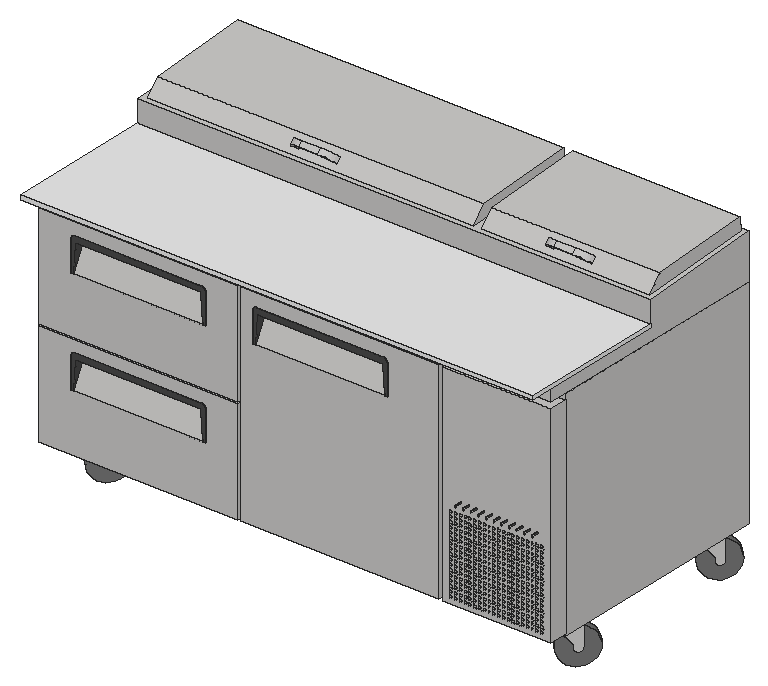
Revit family "QF_Turbo Air_TPR-67SD-D2", category Specialty Equipment, Revit 2012
Parameters
  Weight in Pounds = 411
  Watermarked By = "http://revitwatermark.com"
  Volts = 115 V
  URL Cutsheet = ""
  URL = "www.turboairinc.com"
  Status [instance] = ""
  Specification by User [instance] = ""
  Specification by Manufacturer [instance] = ""
  Serial Number [instance] = ""
  Revision Code [instance] = ""
  Phase = 1
  Number of Poles [instance] = 1
  NAFEM Spec ID Number [instance] = ""
  Model = "TPR-67SD-D2"
  Masterspec [instance] = ""
  Manufacturer = "Turbo Air"  # constant formula
  Legs [instance] = [6 inch Legs]  # no
  Item Number [instance] = "-"
  Installed By [instance] = ""
  HP = "2/3"
  Furnished By [instance] = ""
  Foodservice Equipment Identifier = yes
  FL Amps = 10.4 A
  Electrical Remarks [instance] = ""
  Electric Connection Type [instance] = ""
  Elec Conn RI Height [instance] = 0' - 0"
  Elec Conn Connection Height = 1' - 0"
  Description = "Pizza Prep Table"
  Cycle = 60 Hz
  Conn Plug = "NEMA 5-15P"
  Casters [instance] = not(Legs)  # yes
  CasterLeg Height [instance] = if([5 inch Casters], 0' 5 7/8", if([2_5 inch Casters], 0' 3 3/8", 0' 6"))  # 0' - 5 7/8"
  CSI MasterFormat = "11 41 13"
  Assembly Code = "E1090320"
  Apparent Power = if(Phase = 3, Volts * FL Amps * 1.73, Volts * FL Amps)  # 1196 VA
  6 inch Legs [instance] = no
  5 inch Casters [instance] = yes
  2_5 inch Casters [instance] = no
Reference planes (in)
  plane 1 "BACK": y = 0
  plane 2: z = 0
  plane 3 "LEFT": x = -20.78844
  plane 4 "RIGHT": x = 46.21156
  plane 5 "Front of Door": y = -32.25
  plane 6 "FRONT": y = -35.25
  plane 7 "Front of Pans": y = -16
  plane 8 "Left of Compressor": x = 32.08656
  plane 9 "Right of Left Door": x = 5.21156
  plane 10 "Bottom": z = 5.875
  plane 11 "TOP": z = 41.875
  plane 12 "Door Clearance": z = 53.25
  plane 13 "Work Top": z = 35.875
  plane 14: z = 34.3125
  plane 15 "Top of Door": z = 33.5625
  plane 16 "Bottom of Door": z = 6.125
  plane 17 "Back Stops": y = 1
  plane 18 "Front of Box": y = -29.875
  plane 19 "Left of Left Lid": x = -20.10094
  plane 20 "Right of Right Lid": x = 45.52406
  plane 21 "Handle Center of Left Lid": x = 1.21156
  plane 22 "Handle Elevation": z = 40.14331
  plane 23 "Handle Center FB": y = -14.47887
  plane 24 "Right of Right Door": x = 31.58656
  plane 25 "Left of Right Door": x = 5.58656
  plane 26 "Right of Left Lid": x = 22.52406
  plane 27 "Left of Right Lid": x = 23.64906
  plane 28 "Handle Center Right Lid": x = 34.58656
  plane 29 "Drawer Clearance": y = -57.375
Forms (in)
  Extrusion 1, solid, material "QF_Finishes_Stainless Steel"
    sketch origin (-20.78844, 0, 0) x (0, 1, 0) y (0, 0, 1)
      loop
        line (0, 34.3125) -> (-29.875, 34.3125) -> (-29.875, 5.875) -> (0, 5.875) -> (0, 34.3125)
    from 0 to 67
  Extrusion 2, solid, material "QF_Finishes_Stainless Steel"
    sketch origin (-20.78844, 0, 0) x (0, 1, 0) y (0, 0, 1)
      loop
        line (0, 34.3125) -> (0, 40.1875) -> (-16, 39.1875) -> (-16, 35.875) -> (-32.25, 35.875) -> (-32.25, 34.3125) -> (0, 34.3125)
    from 0 to 67
  Extrusion 3, solid, material "QF_Finishes_Stainless Steel"
    sketch origin (-20.10094, 0, 0) x (0, 1, 0) y (0, 0, 1)
      loop
        line (-0.43665, 40.16021) -> (-0.54382, 41.875) -> (-13.67506, 41.0543) -> (-15.28268, 39.23233) -> (-0.43665, 40.16021)
    from 0 to 42.625
  Extrusion 4, solid, material "QF_Finishes_Stainless Steel"
    sketch origin (0, 15.62211, 13.58363) x (1, 0, 0) y (0, -0.749838, 0.661622)
      loop
        line (3.21156, 40.14331) -> (4.21156, 40.14331)
        arc (4.21156, 40.14331) -> (3.53685, 41.04872) -> (2.46156, 41.39331) r 1.85
        line (2.46156, 41.39331) -> (-0.03844, 41.39331)
        arc (-0.03844, 41.39331) -> (-1.11373, 41.04872) -> (-1.78844, 40.14331) r 1.85
        line (-1.78844, 40.14331) -> (-0.78844, 40.14331) -> (-0.78844, 40.64331)
        arc (-0.78844, 40.64331) -> (-0.64199, 40.99687) -> (-0.28844, 41.14331) r 0.5
        line (-0.28844, 41.14331) -> (2.71156, 41.14331)
        arc (2.71156, 41.14331) -> (3.06511, 40.99687) -> (3.21156, 40.64331) r 0.5
        line (3.21156, 40.64331) -> (3.21156, 40.14331)
    from -0.375 to 0.375
  Extrusion 5, solid, material "QF_Finishes_Black"
    sketch origin (0, -29.875, 0) x (1, 0, 0) y (0, 0, 1)
      loop
        line (-19.78844, 32.5625) -> (-19.78844, 7.125) -> (4.21156, 7.125) -> (4.21156, 32.5625) -> (-19.78844, 32.5625)
    from 0 to 0.5625
  Extrusion 6, solid, material "QF_Finishes_Stainless Steel"
    sketch origin (0, -29.875, 0) x (1, 0, 0) y (0, 0, 1)
      loop
        line (32.08656, 33.5625) -> (32.08656, 6.125) -> (46.21156, 6.125) -> (46.21156, 33.5625) -> (32.08656, 33.5625)
      loop
        line (39.64906, 7.125) -> (39.27406, 7.125) -> (39.27406, 6.75) -> (39.64906, 6.75) -> (39.64906, 7.125)
      loop
        line (40.27406, 7.125) -> (39.89906, 7.125) -> (39.89906, 6.75) -> (40.27406, 6.75) -> (40.27406, 7.125)
      loop
        line (40.89906, 7.125) -> (40.52406, 7.125) -> (40.52406, 6.75) -> (40.89906, 6.75) -> (40.89906, 7.125)
      loop
        line (41.52406, 7.125) -> (41.14906, 7.125) -> (41.14906, 6.75) -> (41.52406, 6.75) -> (41.52406, 7.125)
      loop
        line (42.14906, 7.125) -> (41.77406, 7.125) -> (41.77406, 6.75) -> (42.14906, 6.75) -> (42.14906, 7.125)
      loop
        line (42.77406, 7.125) -> (42.39906, 7.125) -> (42.39906, 6.75) -> (42.77406, 6.75) -> (42.77406, 7.125)
      loop
        line (43.39906, 7.125) -> (43.02406, 7.125) -> (43.02406, 6.75) -> (43.39906, 6.75) -> (43.39906, 7.125)
      loop
        line (44.02406, 7.125) -> (43.64906, 7.125) -> (43.64906, 6.75) -> (44.02406, 6.75) -> (44.02406, 7.125)
      loop
        line (44.64906, 7.125) -> (44.27406, 7.125) -> (44.27406, 6.75) -> (44.64906, 6.75) -> (44.64906, 7.125)
      loop
        line (45.27406, 6.75) -> (45.27406, 7.125) -> (44.89906, 7.125) -> (44.89906, 6.75) -> (45.27406, 6.75)
      loop
        line (38.64906, 7.125) -> (38.64906, 6.75) -> (39.02406, 6.75) -> (39.02406, 7.125) -> (38.64906, 7.125)
      loop
        line (38.02406, 7.125) -> (38.02406, 6.75) -> (38.39906, 6.75) -> (38.39906, 7.125) -> (38.02406, 7.125)
      loop
        line (37.39906, 7.125) -> (37.39906, 6.75) -> (37.77406, 6.75) -> (37.77406, 7.125) -> (37.39906, 7.125)
      loop
        line (36.77406, 7.125) -> (36.77406, 6.75) -> (37.14906, 6.75) -> (37.14906, 7.125) -> (36.77406, 7.125)
      loop
        line (36.14906, 7.125) -> (36.14906, 6.75) -> (36.52406, 6.75) -> (36.52406, 7.125) -> (36.14906, 7.125)
      loop
        line (35.52406, 7.125) -> (35.52406, 6.75) -> (35.89906, 6.75) -> (35.89906, 7.125) -> (35.52406, 7.125)
      loop
        line (34.89906, 7.125) -> (34.89906, 6.75) -> (35.27406, 6.75) -> (35.27406, 7.125) -> (34.89906, 7.125)
      loop
        line (34.27406, 7.125) -> (34.27406, 6.75) -> (34.64906, 6.75) -> (34.64906, 7.125) -> (34.27406, 7.125)
      loop
        line (33.64906, 7.125) -> (33.64906, 6.75) -> (34.02406, 6.75) -> (34.02406, 7.125) -> (33.64906, 7.125)
      loop
        line (33.02406, 6.75) -> (33.39906, 6.75) -> (33.39906, 7.125) -> (33.02406, 7.125) -> (33.02406, 6.75)
      loop
        line (39.64906, 7.75) -> (39.27406, 7.75) -> (39.27406, 7.375) -> (39.64906, 7.375) -> (39.64906, 7.75)
      loop
        line (40.27406, 7.75) -> (39.89906, 7.75) -> (39.89906, 7.375) -> (40.27406, 7.375) -> (40.27406, 7.75)
      loop
        line (40.89906, 7.75) -> (40.52406, 7.75) -> (40.52406, 7.375) -> (40.89906, 7.375) -> (40.89906, 7.75)
      loop
        line (41.52406, 7.75) -> (41.14906, 7.75) -> (41.14906, 7.375) -> (41.52406, 7.375) -> (41.52406, 7.75)
      loop
        line (42.14906, 7.75) -> (41.77406, 7.75) -> (41.77406, 7.375) -> (42.14906, 7.375) -> (42.14906, 7.75)
      loop
        line (42.77406, 7.75) -> (42.39906, 7.75) -> (42.39906, 7.375) -> (42.77406, 7.375) -> (42.77406, 7.75)
      loop
        line (43.39906, 7.75) -> (43.02406, 7.75) -> (43.02406, 7.375) -> (43.39906, 7.375) -> (43.39906, 7.75)
      loop
        line (44.02406, 7.75) -> (43.64906, 7.75) -> (43.64906, 7.375) -> (44.02406, 7.375) -> (44.02406, 7.75)
      loop
        line (44.64906, 7.75) -> (44.27406, 7.75) -> (44.27406, 7.375) -> (44.64906, 7.375) -> (44.64906, 7.75)
      loop
        line (45.27406, 7.375) -> (45.27406, 7.75) -> (44.89906, 7.75) -> (44.89906, 7.375) -> (45.27406, 7.375)
      loop
        line (38.64906, 7.75) -> (38.64906, 7.375) -> (39.02406, 7.375) -> (39.02406, 7.75) -> (38.64906, 7.75)
      loop
        line (38.02406, 7.75) -> (38.02406, 7.375) -> (38.39906, 7.375) -> (38.39906, 7.75) -> (38.02406, 7.75)
      loop
        line (37.39906, 7.75) -> (37.39906, 7.375) -> (37.77406, 7.375) -> (37.77406, 7.75) -> (37.39906, 7.75)
      loop
        line (36.77406, 7.75) -> (36.77406, 7.375) -> (37.14906, 7.375) -> (37.14906, 7.75) -> (36.77406, 7.75)
      loop
        line (36.14906, 7.75) -> (36.14906, 7.375) -> (36.52406, 7.375) -> (36.52406, 7.75) -> (36.14906, 7.75)
      loop
        line (35.52406, 7.75) -> (35.52406, 7.375) -> (35.89906, 7.375) -> (35.89906, 7.75) -> (35.52406, 7.75)
      loop
        line (34.89906, 7.75) -> (34.89906, 7.375) -> (35.27406, 7.375) -> (35.27406, 7.75) -> (34.89906, 7.75)
      loop
        line (34.27406, 7.75) -> (34.27406, 7.375) -> (34.64906, 7.375) -> (34.64906, 7.75) -> (34.27406, 7.75)
      loop
        line (33.64906, 7.75) -> (33.64906, 7.375) -> (34.02406, 7.375) -> (34.02406, 7.75) -> (33.64906, 7.75)
      loop
        line (33.02406, 7.375) -> (33.39906, 7.375) -> (33.39906, 7.75) -> (33.02406, 7.75) -> (33.02406, 7.375)
      loop
        line (39.64906, 8.375) -> (39.27406, 8.375) -> (39.27406, 8) -> (39.64906, 8) -> (39.64906, 8.375)
      loop
        line (40.27406, 8.375) -> (39.89906, 8.375) -> (39.89906, 8) -> (40.27406, 8) -> (40.27406, 8.375)
      loop
        line (40.89906, 8.375) -> (40.52406, 8.375) -> (40.52406, 8) -> (40.89906, 8) -> (40.89906, 8.375)
      loop
        line (41.52406, 8.375) -> (41.14906, 8.375) -> (41.14906, 8) -> (41.52406, 8) -> (41.52406, 8.375)
      loop
        line (42.14906, 8.375) -> (41.77406, 8.375) -> (41.77406, 8) -> (42.14906, 8) -> (42.14906, 8.375)
      loop
        line (42.77406, 8.375) -> (42.39906, 8.375) -> (42.39906, 8) -> (42.77406, 8) -> (42.77406, 8.375)
      loop
        line (43.39906, 8.375) -> (43.02406, 8.375) -> (43.02406, 8) -> (43.39906, 8) -> (43.39906, 8.375)
      loop
        line (44.02406, 8.375) -> (43.64906, 8.375) -> (43.64906, 8) -> (44.02406, 8) -> (44.02406, 8.375)
      loop
        line (44.64906, 8.375) -> (44.27406, 8.375) -> (44.27406, 8) -> (44.64906, 8) -> (44.64906, 8.375)
      loop
        line (45.27406, 8) -> (45.27406, 8.375) -> (44.89906, 8.375) -> (44.89906, 8) -> (45.27406, 8)
      loop
        line (38.64906, 8.375) -> (38.64906, 8) -> (39.02406, 8) -> (39.02406, 8.375) -> (38.64906, 8.375)
      loop
        line (38.02406, 8.375) -> (38.02406, 8) -> (38.39906, 8) -> (38.39906, 8.375) -> (38.02406, 8.375)
      loop
        line (37.39906, 8.375) -> (37.39906, 8) -> (37.77406, 8) -> (37.77406, 8.375) -> (37.39906, 8.375)
      loop
        line (36.77406, 8.375) -> (36.77406, 8) -> (37.14906, 8) -> (37.14906, 8.375) -> (36.77406, 8.375)
      loop
        line (36.14906, 8.375) -> (36.14906, 8) -> (36.52406, 8) -> (36.52406, 8.375) -> (36.14906, 8.375)
      loop
        line (35.52406, 8.375) -> (35.52406, 8) -> (35.89906, 8) -> (35.89906, 8.375) -> (35.52406, 8.375)
      loop
        line (34.89906, 8.375) -> (34.89906, 8) -> (35.27406, 8) -> (35.27406, 8.375) -> (34.89906, 8.375)
      loop
        line (34.27406, 8.375) -> (34.27406, 8) -> (34.64906, 8) -> (34.64906, 8.375) -> (34.27406, 8.375)
      loop
        line (33.64906, 8.375) -> (33.64906, 8) -> (34.02406, 8) -> (34.02406, 8.375) -> (33.64906, 8.375)
      loop
        line (33.02406, 8) -> (33.39906, 8) -> (33.39906, 8.375) -> (33.02406, 8.375) -> (33.02406, 8)
      loop
        line (39.64906, 9) -> (39.27406, 9) -> (39.27406, 8.625) -> (39.64906, 8.625) -> (39.64906, 9)
      loop
        line (40.27406, 9) -> (39.89906, 9) -> (39.89906, 8.625) -> (40.27406, 8.625) -> (40.27406, 9)
      loop
        line (40.89906, 9) -> (40.52406, 9) -> (40.52406, 8.625) -> (40.89906, 8.625) -> (40.89906, 9)
      loop
        line (41.52406, 9) -> (41.14906, 9) -> (41.14906, 8.625) -> (41.52406, 8.625) -> (41.52406, 9)
      loop
        line (42.14906, 9) -> (41.77406, 9) -> (41.77406, 8.625) -> (42.14906, 8.625) -> (42.14906, 9)
      loop
        line (42.77406, 9) -> (42.39906, 9) -> (42.39906, 8.625) -> (42.77406, 8.625) -> (42.77406, 9)
      loop
        line (43.39906, 9) -> (43.02406, 9) -> (43.02406, 8.625) -> (43.39906, 8.625) -> (43.39906, 9)
      loop
        line (44.02406, 9) -> (43.64906, 9) -> (43.64906, 8.625) -> (44.02406, 8.625) -> (44.02406, 9)
      loop
        line (44.64906, 9) -> (44.27406, 9) -> (44.27406, 8.625) -> (44.64906, 8.625) -> (44.64906, 9)
      loop
        line (45.27406, 8.625) -> (45.27406, 9) -> (44.89906, 9) -> (44.89906, 8.625) -> (45.27406, 8.625)
      loop
        line (38.64906, 9) -> (38.64906, 8.625) -> (39.02406, 8.625) -> (39.02406, 9) -> (38.64906, 9)
      loop
        line (38.02406, 9) -> (38.02406, 8.625) -> (38.39906, 8.625) -> (38.39906, 9) -> (38.02406, 9)
      loop
        line (37.39906, 9) -> (37.39906, 8.625) -> (37.77406, 8.625) -> (37.77406, 9) -> (37.39906, 9)
      loop
        line (36.77406, 9) -> (36.77406, 8.625) -> (37.14906, 8.625) -> (37.14906, 9) -> (36.77406, 9)
      loop
        line (36.14906, 9) -> (36.14906, 8.625) -> (36.52406, 8.625) -> (36.52406, 9) -> (36.14906, 9)
      loop
        line (35.52406, 9) -> (35.52406, 8.625) -> (35.89906, 8.625) -> (35.89906, 9) -> (35.52406, 9)
      loop
        line (34.89906, 9) -> (34.89906, 8.625) -> (35.27406, 8.625) -> (35.27406, 9) -> (34.89906, 9)
      loop
        line (34.27406, 9) -> (34.27406, 8.625) -> (34.64906, 8.625) -> (34.64906, 9) -> (34.27406, 9)
      loop
        line (33.64906, 9) -> (33.64906, 8.625) -> (34.02406, 8.625) -> (34.02406, 9) -> (33.64906, 9)
      loop
        line (33.02406, 8.625) -> (33.39906, 8.625) -> (33.39906, 9) -> (33.02406, 9) -> (33.02406, 8.625)
      loop
        line (39.64906, 9.625) -> (39.27406, 9.625) -> (39.27406, 9.25) -> (39.64906, 9.25) -> (39.64906, 9.625)
      loop
        line (40.27406, 9.625) -> (39.89906, 9.625) -> (39.89906, 9.25) -> (40.27406, 9.25) -> (40.27406, 9.625)
      loop
        line (40.89906, 9.625) -> (40.52406, 9.625) -> (40.52406, 9.25) -> (40.89906, 9.25) -> (40.89906, 9.625)
      loop
        line (41.52406, 9.625) -> (41.14906, 9.625) -> (41.14906, 9.25) -> (41.52406, 9.25) -> (41.52406, 9.625)
      loop
        line (42.14906, 9.625) -> (41.77406, 9.625) -> (41.77406, 9.25) -> (42.14906, 9.25) -> (42.14906, 9.625)
      loop
        line (42.77406, 9.625) -> (42.39906, 9.625) -> (42.39906, 9.25) -> (42.77406, 9.25) -> (42.77406, 9.625)
      loop
        line (43.39906, 9.625) -> (43.02406, 9.625) -> (43.02406, 9.25) -> (43.39906, 9.25) -> (43.39906, 9.625)
      loop
        line (44.02406, 9.625) -> (43.64906, 9.625) -> (43.64906, 9.25) -> (44.02406, 9.25) -> (44.02406, 9.625)
      loop
        line (44.64906, 9.625) -> (44.27406, 9.625) -> (44.27406, 9.25) -> (44.64906, 9.25) -> (44.64906, 9.625)
      loop
        line (45.27406, 9.25) -> (45.27406, 9.625) -> (44.89906, 9.625) -> (44.89906, 9.25) -> (45.27406, 9.25)
      loop
        line (38.64906, 9.625) -> (38.64906, 9.25) -> (39.02406, 9.25) -> (39.02406, 9.625) -> (38.64906, 9.625)
      loop
        line (38.02406, 9.625) -> (38.02406, 9.25) -> (38.39906, 9.25) -> (38.39906, 9.625) -> (38.02406, 9.625)
      loop
        line (37.39906, 9.625) -> (37.39906, 9.25) -> (37.77406, 9.25) -> (37.77406, 9.625) -> (37.39906, 9.625)
      loop
        line (36.77406, 9.625) -> (36.77406, 9.25) -> (37.14906, 9.25) -> (37.14906, 9.625) -> (36.77406, 9.625)
      loop
        line (36.14906, 9.625) -> (36.14906, 9.25) -> (36.52406, 9.25) -> (36.52406, 9.625) -> (36.14906, 9.625)
      loop
        line (35.52406, 9.625) -> (35.52406, 9.25) -> (35.89906, 9.25) -> (35.89906, 9.625) -> (35.52406, 9.625)
      loop
        line (34.89906, 9.625) -> (34.89906, 9.25) -> (35.27406, 9.25) -> (35.27406, 9.625) -> (34.89906, 9.625)
      loop
        line (34.27406, 9.625) -> (34.27406, 9.25) -> (34.64906, 9.25) -> (34.64906, 9.625) -> (34.27406, 9.625)
      loop
        line (33.64906, 9.625) -> (33.64906, 9.25) -> (34.02406, 9.25) -> (34.02406, 9.625) -> (33.64906, 9.625)
      loop
        line (33.02406, 9.25) -> (33.39906, 9.25) -> (33.39906, 9.625) -> (33.02406, 9.625) -> (33.02406, 9.25)
      loop
        line (39.64906, 10.25) -> (39.27406, 10.25) -> (39.27406, 9.875) -> (39.64906, 9.875) -> (39.64906, 10.25)
      loop
        line (40.27406, 10.25) -> (39.89906, 10.25) -> (39.89906, 9.875) -> (40.27406, 9.875) -> (40.27406, 10.25)
      loop
        line (40.89906, 10.25) -> (40.52406, 10.25) -> (40.52406, 9.875) -> (40.89906, 9.875) -> (40.89906, 10.25)
      loop
        line (41.52406, 10.25) -> (41.14906, 10.25) -> (41.14906, 9.875) -> (41.52406, 9.875) -> (41.52406, 10.25)
      loop
        line (42.14906, 10.25) -> (41.77406, 10.25) -> (41.77406, 9.875) -> (42.14906, 9.875) -> (42.14906, 10.25)
      loop
        line (42.77406, 10.25) -> (42.39906, 10.25) -> (42.39906, 9.875) -> (42.77406, 9.875) -> (42.77406, 10.25)
      loop
        line (43.39906, 10.25) -> (43.02406, 10.25) -> (43.02406, 9.875) -> (43.39906, 9.875) -> (43.39906, 10.25)
      loop
        line (44.02406, 10.25) -> (43.64906, 10.25) -> (43.64906, 9.875) -> (44.02406, 9.875) -> (44.02406, 10.25)
      loop
        line (44.64906, 10.25) -> (44.27406, 10.25) -> (44.27406, 9.875) -> (44.64906, 9.875) -> (44.64906, 10.25)
      loop
        line (45.27406, 9.875) -> (45.27406, 10.25) -> (44.89906, 10.25) -> (44.89906, 9.875) -> (45.27406, 9.875)
      loop
        line (38.64906, 10.25) -> (38.64906, 9.875) -> (39.02406, 9.875) -> (39.02406, 10.25) -> (38.64906, 10.25)
      loop
        line (38.02406, 10.25) -> (38.02406, 9.875) -> (38.39906, 9.875) -> (38.39906, 10.25) -> (38.02406, 10.25)
      loop
        line (37.39906, 10.25) -> (37.39906, 9.875) -> (37.77406, 9.875) -> (37.77406, 10.25) -> (37.39906, 10.25)
      loop
        line (36.77406, 10.25) -> (36.77406, 9.875) -> (37.14906, 9.875) -> (37.14906, 10.25) -> (36.77406, 10.25)
      loop
        line (36.14906, 10.25) -> (36.14906, 9.875) -> (36.52406, 9.875) -> (36.52406, 10.25) -> (36.14906, 10.25)
      loop
        line (35.52406, 10.25) -> (35.52406, 9.875) -> (35.89906, 9.875) -> (35.89906, 10.25) -> (35.52406, 10.25)
      loop
        line (34.89906, 10.25) -> (34.89906, 9.875) -> (35.27406, 9.875) -> (35.27406, 10.25) -> (34.89906, 10.25)
      loop
        line (34.27406, 10.25) -> (34.27406, 9.875) -> (34.64906, 9.875) -> (34.64906, 10.25) -> (34.27406, 10.25)
      loop
        line (33.64906, 10.25) -> (33.64906, 9.875) -> (34.02406, 9.875) -> (34.02406, 10.25) -> (33.64906, 10.25)
      loop
        line (33.02406, 9.875) -> (33.39906, 9.875) -> (33.39906, 10.25) -> (33.02406, 10.25) -> (33.02406, 9.875)
      loop
        line (39.64906, 10.875) -> (39.27406, 10.875) -> (39.27406, 10.5) -> (39.64906, 10.5) -> (39.64906, 10.875)
      loop
        line (40.27406, 10.875) -> (39.89906, 10.875) -> (39.89906, 10.5) -> (40.27406, 10.5) -> (40.27406, 10.875)
      loop
        line (40.89906, 10.875) -> (40.52406, 10.875) -> (40.52406, 10.5) -> (40.89906, 10.5) -> (40.89906, 10.875)
      loop
        line (41.52406, 10.875) -> (41.14906, 10.875) -> (41.14906, 10.5) -> (41.52406, 10.5) -> (41.52406, 10.875)
      loop
        line (42.14906, 10.875) -> (41.77406, 10.875) -> (41.77406, 10.5) -> (42.14906, 10.5) -> (42.14906, 10.875)
      loop
        line (42.77406, 10.875) -> (42.39906, 10.875) -> (42.39906, 10.5) -> (42.77406, 10.5) -> (42.77406, 10.875)
      loop
        line (43.39906, 10.875) -> (43.02406, 10.875) -> (43.02406, 10.5) -> (43.39906, 10.5) -> (43.39906, 10.875)
      loop
        line (44.02406, 10.875) -> (43.64906, 10.875) -> (43.64906, 10.5) -> (44.02406, 10.5) -> (44.02406, 10.875)
      loop
        line (44.64906, 10.875) -> (44.27406, 10.875) -> (44.27406, 10.5) -> (44.64906, 10.5) -> (44.64906, 10.875)
      loop
        line (45.27406, 10.5) -> (45.27406, 10.875) -> (44.89906, 10.875) -> (44.89906, 10.5) -> (45.27406, 10.5)
      loop
        line (38.64906, 10.875) -> (38.64906, 10.5) -> (39.02406, 10.5) -> (39.02406, 10.875) -> (38.64906, 10.875)
      loop
        line (38.02406, 10.875) -> (38.02406, 10.5) -> (38.39906, 10.5) -> (38.39906, 10.875) -> (38.02406, 10.875)
      loop
        line (37.39906, 10.875) -> (37.39906, 10.5) -> (37.77406, 10.5) -> (37.77406, 10.875) -> (37.39906, 10.875)
      loop
        line (36.77406, 10.875) -> (36.77406, 10.5) -> (37.14906, 10.5) -> (37.14906, 10.875) -> (36.77406, 10.875)
      loop
        line (36.14906, 10.875) -> (36.14906, 10.5) -> (36.52406, 10.5) -> (36.52406, 10.875) -> (36.14906, 10.875)
      loop
        line (35.52406, 10.875) -> (35.52406, 10.5) -> (35.89906, 10.5) -> (35.89906, 10.875) -> (35.52406, 10.875)
      loop
        line (34.89906, 10.875) -> (34.89906, 10.5) -> (35.27406, 10.5) -> (35.27406, 10.875) -> (34.89906, 10.875)
      loop
        line (34.27406, 10.875) -> (34.27406, 10.5) -> (34.64906, 10.5) -> (34.64906, 10.875) -> (34.27406, 10.875)
      loop
        line (33.64906, 10.875) -> (33.64906, 10.5) -> (34.02406, 10.5) -> (34.02406, 10.875) -> (33.64906, 10.875)
      loop
        line (33.02406, 10.5) -> (33.39906, 10.5) -> (33.39906, 10.875) -> (33.02406, 10.875) -> (33.02406, 10.5)
      loop
        line (39.64906, 11.5) -> (39.27406, 11.5) -> (39.27406, 11.125) -> (39.64906, 11.125) -> (39.64906, 11.5)
      loop
        line (40.27406, 11.5) -> (39.89906, 11.5) -> (39.89906, 11.125) -> (40.27406, 11.125) -> (40.27406, 11.5)
      loop
        line (40.89906, 11.5) -> (40.52406, 11.5) -> (40.52406, 11.125) -> (40.89906, 11.125) -> (40.89906, 11.5)
      loop
        line (41.52406, 11.5) -> (41.14906, 11.5) -> (41.14906, 11.125) -> (41.52406, 11.125) -> (41.52406, 11.5)
      loop
        line (42.14906, 11.5) -> (41.77406, 11.5) -> (41.77406, 11.125) -> (42.14906, 11.125) -> (42.14906, 11.5)
      loop
        line (42.77406, 11.5) -> (42.39906, 11.5) -> (42.39906, 11.125) -> (42.77406, 11.125) -> (42.77406, 11.5)
      loop
        line (43.39906, 11.5) -> (43.02406, 11.5) -> (43.02406, 11.125) -> (43.39906, 11.125) -> (43.39906, 11.5)
      loop
        line (44.02406, 11.5) -> (43.64906, 11.5) -> (43.64906, 11.125) -> (44.02406, 11.125) -> (44.02406, 11.5)
      loop
        line (44.64906, 11.5) -> (44.27406, 11.5) -> (44.27406, 11.125) -> (44.64906, 11.125) -> (44.64906, 11.5)
      loop
        line (45.27406, 11.125) -> (45.27406, 11.5) -> (44.89906, 11.5) -> (44.89906, 11.125) -> (45.27406, 11.125)
      loop
        line (38.64906, 11.5) -> (38.64906, 11.125) -> (39.02406, 11.125) -> (39.02406, 11.5) -> (38.64906, 11.5)
      loop
        line (38.02406, 11.5) -> (38.02406, 11.125) -> (38.39906, 11.125) -> (38.39906, 11.5) -> (38.02406, 11.5)
      loop
        line (37.39906, 11.5) -> (37.39906, 11.125) -> (37.77406, 11.125) -> (37.77406, 11.5) -> (37.39906, 11.5)
      loop
        line (36.77406, 11.5) -> (36.77406, 11.125) -> (37.14906, 11.125) -> (37.14906, 11.5) -> (36.77406, 11.5)
      loop
        line (36.14906, 11.5) -> (36.14906, 11.125) -> (36.52406, 11.125) -> (36.52406, 11.5) -> (36.14906, 11.5)
      loop
        line (35.52406, 11.5) -> (35.52406, 11.125) -> (35.89906, 11.125) -> (35.89906, 11.5) -> (35.52406, 11.5)
      loop
        line (34.89906, 11.5) -> (34.89906, 11.125) -> (35.27406, 11.125) -> (35.27406, 11.5) -> (34.89906, 11.5)
      loop
        line (34.27406, 11.5) -> (34.27406, 11.125) -> (34.64906, 11.125) -> (34.64906, 11.5) -> (34.27406, 11.5)
      loop
        line (33.64906, 11.5) -> (33.64906, 11.125) -> (34.02406, 11.125) -> (34.02406, 11.5) -> (33.64906, 11.5)
      loop
        line (33.02406, 11.125) -> (33.39906, 11.125) -> (33.39906, 11.5) -> (33.02406, 11.5) -> (33.02406, 11.125)
      loop
        line (39.64906, 12.125) -> (39.27406, 12.125) -> (39.27406, 11.75) -> (39.64906, 11.75) -> (39.64906, 12.125)
      loop
        line (40.27406, 12.125) -> (39.89906, 12.125) -> (39.89906, 11.75) -> (40.27406, 11.75) -> (40.27406, 12.125)
      loop
        line (40.89906, 12.125) -> (40.52406, 12.125) -> (40.52406, 11.75) -> (40.89906, 11.75) -> (40.89906, 12.125)
      loop
        line (41.52406, 12.125) -> (41.14906, 12.125) -> (41.14906, 11.75) -> (41.52406, 11.75) -> (41.52406, 12.125)
      loop
        line (42.14906, 12.125) -> (41.77406, 12.125) -> (41.77406, 11.75) -> (42.14906, 11.75) -> (42.14906, 12.125)
      loop
        line (42.77406, 12.125) -> (42.39906, 12.125) -> (42.39906, 11.75) -> (42.77406, 11.75) -> (42.77406, 12.125)
      loop
        line (43.39906, 12.125) -> (43.02406, 12.125) -> (43.02406, 11.75) -> (43.39906, 11.75) -> (43.39906, 12.125)
      loop
        line (44.02406, 12.125) -> (43.64906, 12.125) -> (43.64906, 11.75) -> (44.02406, 11.75) -> (44.02406, 12.125)
      loop
        line (44.64906, 12.125) -> (44.27406, 12.125) -> (44.27406, 11.75) -> (44.64906, 11.75) -> (44.64906, 12.125)
      loop
        line (45.27406, 11.75) -> (45.27406, 12.125) -> (44.89906, 12.125) -> (44.89906, 11.75) -> (45.27406, 11.75)
      loop
        line (38.64906, 12.125) -> (38.64906, 11.75) -> (39.02406, 11.75) -> (39.02406, 12.125) -> (38.64906, 12.125)
      loop
        line (38.02406, 12.125) -> (38.02406, 11.75) -> (38.39906, 11.75) -> (38.39906, 12.125) -> (38.02406, 12.125)
      loop
        line (37.39906, 12.125) -> (37.39906, 11.75) -> (37.77406, 11.75) -> (37.77406, 12.125) -> (37.39906, 12.125)
      loop
        line (36.77406, 12.125) -> (36.77406, 11.75) -> (37.14906, 11.75) -> (37.14906, 12.125) -> (36.77406, 12.125)
      loop
        line (36.14906, 12.125) -> (36.14906, 11.75) -> (36.52406, 11.75) -> (36.52406, 12.125) -> (36.14906, 12.125)
      loop
        line (35.52406, 12.125) -> (35.52406, 11.75) -> (35.89906, 11.75) -> (35.89906, 12.125) -> (35.52406, 12.125)
      loop
        line (34.89906, 12.125) -> (34.89906, 11.75) -> (35.27406, 11.75) -> (35.27406, 12.125) -> (34.89906, 12.125)
      loop
        line (34.27406, 12.125) -> (34.27406, 11.75) -> (34.64906, 11.75) -> (34.64906, 12.125) -> (34.27406, 12.125)
      loop
        line (33.64906, 12.125) -> (33.64906, 11.75) -> (34.02406, 11.75) -> (34.02406, 12.125) -> (33.64906, 12.125)
      loop
        line (33.02406, 11.75) -> (33.39906, 11.75) -> (33.39906, 12.125) -> (33.02406, 12.125) -> (33.02406, 11.75)
      loop
        line (39.64906, 12.75) -> (39.27406, 12.75) -> (39.27406, 12.375) -> (39.64906, 12.375) -> (39.64906, 12.75)
      loop
        line (40.27406, 12.75) -> (39.89906, 12.75) -> (39.89906, 12.375) -> (40.27406, 12.375) -> (40.27406, 12.75)
      loop
        line (40.89906, 12.75) -> (40.52406, 12.75) -> (40.52406, 12.375) -> (40.89906, 12.375) -> (40.89906, 12.75)
      loop
        line (41.52406, 12.75) -> (41.14906, 12.75) -> (41.14906, 12.375) -> (41.52406, 12.375) -> (41.52406, 12.75)
      loop
        line (42.14906, 12.75) -> (41.77406, 12.75) -> (41.77406, 12.375) -> (42.14906, 12.375) -> (42.14906, 12.75)
      loop
        line (42.77406, 12.75) -> (42.39906, 12.75) -> (42.39906, 12.375) -> (42.77406, 12.375) -> (42.77406, 12.75)
      loop
        line (43.39906, 12.75) -> (43.02406, 12.75) -> (43.02406, 12.375) -> (43.39906, 12.375) -> (43.39906, 12.75)
      loop
        line (44.02406, 12.75) -> (43.64906, 12.75) -> (43.64906, 12.375) -> (44.02406, 12.375) -> (44.02406, 12.75)
      loop
        line (44.64906, 12.75) -> (44.27406, 12.75) -> (44.27406, 12.375) -> (44.64906, 12.375) -> (44.64906, 12.75)
      loop
        line (45.27406, 12.375) -> (45.27406, 12.75) -> (44.89906, 12.75) -> (44.89906, 12.375) -> (45.27406, 12.375)
      loop
        line (38.64906, 12.75) -> (38.64906, 12.375) -> (39.02406, 12.375) -> (39.02406, 12.75) -> (38.64906, 12.75)
      loop
        line (38.02406, 12.75) -> (38.02406, 12.375) -> (38.39906, 12.375) -> (38.39906, 12.75) -> (38.02406, 12.75)
      loop
        line (37.39906, 12.75) -> (37.39906, 12.375) -> (37.77406, 12.375) -> (37.77406, 12.75) -> (37.39906, 12.75)
      loop
        line (36.77406, 12.75) -> (36.77406, 12.375) -> (37.14906, 12.375) -> (37.14906, 12.75) -> (36.77406, 12.75)
      loop
        line (36.14906, 12.75) -> (36.14906, 12.375) -> (36.52406, 12.375) -> (36.52406, 12.75) -> (36.14906, 12.75)
      loop
        line (35.52406, 12.75) -> (35.52406, 12.375) -> (35.89906, 12.375) -> (35.89906, 12.75) -> (35.52406, 12.75)
      loop
        line (34.89906, 12.75) -> (34.89906, 12.375) -> (35.27406, 12.375) -> (35.27406, 12.75) -> (34.89906, 12.75)
      loop
        line (34.27406, 12.75) -> (34.27406, 12.375) -> (34.64906, 12.375) -> (34.64906, 12.75) -> (34.27406, 12.75)
      loop
        line (33.64906, 12.75) -> (33.64906, 12.375) -> (34.02406, 12.375) -> (34.02406, 12.75) -> (33.64906, 12.75)
      loop
        line (33.02406, 12.375) -> (33.39906, 12.375) -> (33.39906, 12.75) -> (33.02406, 12.75) -> (33.02406, 12.375)
      loop
        line (39.64906, 13.375) -> (39.27406, 13.375) -> (39.27406, 13) -> (39.64906, 13) -> (39.64906, 13.375)
      loop
        line (40.27406, 13.375) -> (39.89906, 13.375) -> (39.89906, 13) -> (40.27406, 13) -> (40.27406, 13.375)
      loop
        line (40.89906, 13.375) -> (40.52406, 13.375) -> (40.52406, 13) -> (40.89906, 13) -> (40.89906, 13.375)
      loop
        line (41.52406, 13.375) -> (41.14906, 13.375) -> (41.14906, 13) -> (41.52406, 13) -> (41.52406, 13.375)
      loop
        line (42.14906, 13.375) -> (41.77406, 13.375) -> (41.77406, 13) -> (42.14906, 13) -> (42.14906, 13.375)
      loop
        line (42.77406, 13.375) -> (42.39906, 13.375) -> (42.39906, 13) -> (42.77406, 13) -> (42.77406, 13.375)
      loop
        line (43.39906, 13.375) -> (43.02406, 13.375) -> (43.02406, 13) -> (43.39906, 13) -> (43.39906, 13.375)
      loop
        line (44.02406, 13.375) -> (43.64906, 13.375) -> (43.64906, 13) -> (44.02406, 13) -> (44.02406, 13.375)
      loop
        line (44.64906, 13.375) -> (44.27406, 13.375) -> (44.27406, 13) -> (44.64906, 13) -> (44.64906, 13.375)
      loop
        line (45.27406, 13) -> (45.27406, 13.375) -> (44.89906, 13.375) -> (44.89906, 13) -> (45.27406, 13)
      loop
        line (38.64906, 13.375) -> (38.64906, 13) -> (39.02406, 13) -> (39.02406, 13.375) -> (38.64906, 13.375)
      loop
        line (38.02406, 13.375) -> (38.02406, 13) -> (38.39906, 13) -> (38.39906, 13.375) -> (38.02406, 13.375)
      loop
        line (37.39906, 13.375) -> (37.39906, 13) -> (37.77406, 13) -> (37.77406, 13.375) -> (37.39906, 13.375)
      loop
        line (36.77406, 13.375) -> (36.77406, 13) -> (37.14906, 13) -> (37.14906, 13.375) -> (36.77406, 13.375)
      loop
        line (36.14906, 13.375) -> (36.14906, 13) -> (36.52406, 13) -> (36.52406, 13.375) -> (36.14906, 13.375)
      loop
        line (35.52406, 13.375) -> (35.52406, 13) -> (35.89906, 13) -> (35.89906, 13.375) -> (35.52406, 13.375)
      loop
        line (34.89906, 13.375) -> (34.89906, 13) -> (35.27406, 13) -> (35.27406, 13.375) -> (34.89906, 13.375)
      loop
        line (34.27406, 13.375) -> (34.27406, 13) -> (34.64906, 13) -> (34.64906, 13.375) -> (34.27406, 13.375)
      loop
        line (33.64906, 13.375) -> (33.64906, 13) -> (34.02406, 13) -> (34.02406, 13.375) -> (33.64906, 13.375)
      loop
        line (33.02406, 13) -> (33.39906, 13) -> (33.39906, 13.375) -> (33.02406, 13.375) -> (33.02406, 13)
      loop
        line (39.64906, 14) -> (39.27406, 14) -> (39.27406, 13.625) -> (39.64906, 13.625) -> (39.64906, 14)
      loop
        line (40.27406, 14) -> (39.89906, 14) -> (39.89906, 13.625) -> (40.27406, 13.625) -> (40.27406, 14)
      loop
        line (40.89906, 14) -> (40.52406, 14) -> (40.52406, 13.625) -> (40.89906, 13.625) -> (40.89906, 14)
      loop
        line (41.52406, 14) -> (41.14906, 14) -> (41.14906, 13.625) -> (41.52406, 13.625) -> (41.52406, 14)
      loop
        line (42.14906, 14) -> (41.77406, 14) -> (41.77406, 13.625) -> (42.14906, 13.625) -> (42.14906, 14)
      loop
        line (42.77406, 14) -> (42.39906, 14) -> (42.39906, 13.625) -> (42.77406, 13.625) -> (42.77406, 14)
      loop
        line (43.39906, 14) -> (43.02406, 14) -> (43.02406, 13.625) -> (43.39906, 13.625) -> (43.39906, 14)
      loop
        line (44.02406, 14) -> (43.64906, 14) -> (43.64906, 13.625) -> (44.02406, 13.625) -> (44.02406, 14)
      loop
        line (44.64906, 14) -> (44.27406, 14) -> (44.27406, 13.625) -> (44.64906, 13.625) -> (44.64906, 14)
      loop
        line (45.27406, 13.625) -> (45.27406, 14) -> (44.89906, 14) -> (44.89906, 13.625) -> (45.27406, 13.625)
      loop
        line (38.64906, 14) -> (38.64906, 13.625) -> (39.02406, 13.625) -> (39.02406, 14) -> (38.64906, 14)
      loop
        line (38.02406, 14) -> (38.02406, 13.625) -> (38.39906, 13.625) -> (38.39906, 14) -> (38.02406, 14)
      loop
        line (37.39906, 14) -> (37.39906, 13.625) -> (37.77406, 13.625) -> (37.77406, 14) -> (37.39906, 14)
      loop
        line (36.77406, 14) -> (36.77406, 13.625) -> (37.14906, 13.625) -> (37.14906, 14) -> (36.77406, 14)
      loop
        line (36.14906, 14) -> (36.14906, 13.625) -> (36.52406, 13.625) -> (36.52406, 14) -> (36.14906, 14)
      loop
        line (35.52406, 14) -> (35.52406, 13.625) -> (35.89906, 13.625) -> (35.89906, 14) -> (35.52406, 14)
      loop
        line (34.89906, 14) -> (34.89906, 13.625) -> (35.27406, 13.625) -> (35.27406, 14) -> (34.89906, 14)
      loop
        line (34.27406, 14) -> (34.27406, 13.625) -> (34.64906, 13.625) -> (34.64906, 14) -> (34.27406, 14)
      loop
        line (33.64906, 14) -> (33.64906, 13.625) -> (34.02406, 13.625) -> (34.02406, 14) -> (33.64906, 14)
      loop
        line (33.02406, 13.625) -> (33.39906, 13.625) -> (33.39906, 14) -> (33.02406, 14) -> (33.02406, 13.625)
      loop
        line (39.64906, 14.625) -> (39.27406, 14.625) -> (39.27406, 14.25) -> (39.64906, 14.25) -> (39.64906, 14.625)
      loop
        line (40.27406, 14.625) -> (39.89906, 14.625) -> (39.89906, 14.25) -> (40.27406, 14.25) -> (40.27406, 14.625)
      loop
        line (40.89906, 14.625) -> (40.52406, 14.625) -> (40.52406, 14.25) -> (40.89906, 14.25) -> (40.89906, 14.625)
      loop
        line (41.52406, 14.625) -> (41.14906, 14.625) -> (41.14906, 14.25) -> (41.52406, 14.25) -> (41.52406, 14.625)
      loop
        line (42.14906, 14.625) -> (41.77406, 14.625) -> (41.77406, 14.25) -> (42.14906, 14.25) -> (42.14906, 14.625)
      loop
        line (42.77406, 14.625) -> (42.39906, 14.625) -> (42.39906, 14.25) -> (42.77406, 14.25) -> (42.77406, 14.625)
      loop
        line (43.39906, 14.625) -> (43.02406, 14.625) -> (43.02406, 14.25) -> (43.39906, 14.25) -> (43.39906, 14.625)
      loop
        line (44.02406, 14.625) -> (43.64906, 14.625) -> (43.64906, 14.25) -> (44.02406, 14.25) -> (44.02406, 14.625)
      loop
        line (44.64906, 14.625) -> (44.27406, 14.625) -> (44.27406, 14.25) -> (44.64906, 14.25) -> (44.64906, 14.625)
      loop
        line (45.27406, 14.25) -> (45.27406, 14.625) -> (44.89906, 14.625) -> (44.89906, 14.25) -> (45.27406, 14.25)
      loop
        line (38.64906, 14.625) -> (38.64906, 14.25) -> (39.02406, 14.25) -> (39.02406, 14.625) -> (38.64906, 14.625)
      loop
        line (38.02406, 14.625) -> (38.02406, 14.25) -> (38.39906, 14.25) -> (38.39906, 14.625) -> (38.02406, 14.625)
      loop
        line (37.39906, 14.625) -> (37.39906, 14.25) -> (37.77406, 14.25) -> (37.77406, 14.625) -> (37.39906, 14.625)
      loop
        line (36.77406, 14.625) -> (36.77406, 14.25) -> (37.14906, 14.25) -> (37.14906, 14.625) -> (36.77406, 14.625)
      loop
        line (36.14906, 14.625) -> (36.14906, 14.25) -> (36.52406, 14.25) -> (36.52406, 14.625) -> (36.14906, 14.625)
      loop
        line (35.52406, 14.625) -> (35.52406, 14.25) -> (35.89906, 14.25) -> (35.89906, 14.625) -> (35.52406, 14.625)
      loop
        line (34.89906, 14.625) -> (34.89906, 14.25) -> (35.27406, 14.25) -> (35.27406, 14.625) -> (34.89906, 14.625)
      loop
        line (34.27406, 14.625) -> (34.27406, 14.25) -> (34.64906, 14.25) -> (34.64906, 14.625) -> (34.27406, 14.625)
      loop
        line (33.64906, 14.625) -> (33.64906, 14.25) -> (34.02406, 14.25) -> (34.02406, 14.625) -> (33.64906, 14.625)
      loop
        line (33.02406, 14.25) -> (33.39906, 14.25) -> (33.39906, 14.625) -> (33.02406, 14.625) -> (33.02406, 14.25)
      loop
        line (39.64906, 15.25) -> (39.27406, 15.25) -> (39.27406, 14.875) -> (39.64906, 14.875) -> (39.64906, 15.25)
      loop
        line (40.27406, 15.25) -> (39.89906, 15.25) -> (39.89906, 14.875) -> (40.27406, 14.875) -> (40.27406, 15.25)
      loop
        line (40.89906, 15.25) -> (40.52406, 15.25) -> (40.52406, 14.875) -> (40.89906, 14.875) -> (40.89906, 15.25)
      loop
        line (41.52406, 15.25) -> (41.14906, 15.25) -> (41.14906, 14.875) -> (41.52406, 14.875) -> (41.52406, 15.25)
      loop
        line (42.14906, 15.25) -> (41.77406, 15.25) -> (41.77406, 14.875) -> (42.14906, 14.875) -> (42.14906, 15.25)
      loop
        line (42.77406, 15.25) -> (42.39906, 15.25) -> (42.39906, 14.875) -> (42.77406, 14.875) -> (42.77406, 15.25)
      loop
        line (43.39906, 15.25) -> (43.02406, 15.25) -> (43.02406, 14.875) -> (43.39906, 14.875) -> (43.39906, 15.25)
      loop
        line (44.02406, 15.25) -> (43.64906, 15.25) -> (43.64906, 14.875) -> (44.02406, 14.875) -> (44.02406, 15.25)
      loop
        line (44.64906, 15.25) -> (44.27406, 15.25) -> (44.27406, 14.875) -> (44.64906, 14.875) -> (44.64906, 15.25)
      loop
        line (45.27406, 14.875) -> (45.27406, 15.25) -> (44.89906, 15.25) -> (44.89906, 14.875) -> (45.27406, 14.875)
      loop
        line (38.64906, 15.25) -> (38.64906, 14.875) -> (39.02406, 14.875) -> (39.02406, 15.25) -> (38.64906, 15.25)
      loop
        line (38.02406, 15.25) -> (38.02406, 14.875) -> (38.39906, 14.875) -> (38.39906, 15.25) -> (38.02406, 15.25)
      loop
        line (37.39906, 15.25) -> (37.39906, 14.875) -> (37.77406, 14.875) -> (37.77406, 15.25) -> (37.39906, 15.25)
      loop
        line (36.77406, 15.25) -> (36.77406, 14.875) -> (37.14906, 14.875) -> (37.14906, 15.25) -> (36.77406, 15.25)
      loop
        line (36.14906, 15.25) -> (36.14906, 14.875) -> (36.52406, 14.875) -> (36.52406, 15.25) -> (36.14906, 15.25)
      loop
        line (35.52406, 15.25) -> (35.52406, 14.875) -> (35.89906, 14.875) -> (35.89906, 15.25) -> (35.52406, 15.25)
      loop
        line (34.89906, 15.25) -> (34.89906, 14.875) -> (35.27406, 14.875) -> (35.27406, 15.25) -> (34.89906, 15.25)
      loop
        line (34.27406, 15.25) -> (34.27406, 14.875) -> (34.64906, 14.875) -> (34.64906, 15.25) -> (34.27406, 15.25)
      loop
        line (33.64906, 15.25) -> (33.64906, 14.875) -> (34.02406, 14.875) -> (34.02406, 15.25) -> (33.64906, 15.25)
      loop
        line (33.02406, 14.875) -> (33.39906, 14.875) -> (33.39906, 15.25) -> (33.02406, 15.25) -> (33.02406, 14.875)
      loop
        line (39.64906, 15.875) -> (39.27406, 15.875) -> (39.27406, 15.5) -> (39.64906, 15.5) -> (39.64906, 15.875)
      loop
        line (40.27406, 15.875) -> (39.89906, 15.875) -> (39.89906, 15.5) -> (40.27406, 15.5) -> (40.27406, 15.875)
      loop
        line (40.89906, 15.875) -> (40.52406, 15.875) -> (40.52406, 15.5) -> (40.89906, 15.5) -> (40.89906, 15.875)
      loop
        line (41.52406, 15.875) -> (41.14906, 15.875) -> (41.14906, 15.5) -> (41.52406, 15.5) -> (41.52406, 15.875)
      loop
        line (42.14906, 15.875) -> (41.77406, 15.875) -> (41.77406, 15.5) -> (42.14906, 15.5) -> (42.14906, 15.875)
      loop
        line (42.77406, 15.875) -> (42.39906, 15.875) -> (42.39906, 15.5) -> (42.77406, 15.5) -> (42.77406, 15.875)
      loop
        line (43.39906, 15.875) -> (43.02406, 15.875) -> (43.02406, 15.5) -> (43.39906, 15.5) -> (43.39906, 15.875)
      loop
        line (44.02406, 15.875) -> (43.64906, 15.875) -> (43.64906, 15.5) -> (44.02406, 15.5) -> (44.02406, 15.875)
      loop
        line (44.64906, 15.875) -> (44.27406, 15.875) -> (44.27406, 15.5) -> (44.64906, 15.5) -> (44.64906, 15.875)
      loop
        line (45.27406, 15.5) -> (45.27406, 15.875) -> (44.89906, 15.875) -> (44.89906, 15.5) -> (45.27406, 15.5)
      loop
        line (38.64906, 15.875) -> (38.64906, 15.5) -> (39.02406, 15.5) -> (39.02406, 15.875) -> (38.64906, 15.875)
      loop
        line (38.02406, 15.875) -> (38.02406, 15.5) -> (38.39906, 15.5) -> (38.39906, 15.875) -> (38.02406, 15.875)
      loop
        line (37.39906, 15.875) -> (37.39906, 15.5) -> (37.77406, 15.5) -> (37.77406, 15.875) -> (37.39906, 15.875)
      loop
        line (36.77406, 15.875) -> (36.77406, 15.5) -> (37.14906, 15.5) -> (37.14906, 15.875) -> (36.77406, 15.875)
      loop
        line (36.14906, 15.875) -> (36.14906, 15.5) -> (36.52406, 15.5) -> (36.52406, 15.875) -> (36.14906, 15.875)
      loop
        line (35.52406, 15.875) -> (35.52406, 15.5) -> (35.89906, 15.5) -> (35.89906, 15.875) -> (35.52406, 15.875)
      loop
        line (34.89906, 15.875) -> (34.89906, 15.5) -> (35.27406, 15.5) -> (35.27406, 15.875) -> (34.89906, 15.875)
      loop
        line (34.27406, 15.875) -> (34.27406, 15.5) -> (34.64906, 15.5) -> (34.64906, 15.875) -> (34.27406, 15.875)
      loop
        line (33.64906, 15.875) -> (33.64906, 15.5) -> (34.02406, 15.5) -> (34.02406, 15.875) -> (33.64906, 15.875)
      loop
        line (33.02406, 15.5) -> (33.39906, 15.5) -> (33.39906, 15.875) -> (33.02406, 15.875) -> (33.02406, 15.5)
      loop
        line (39.64906, 16.5) -> (39.27406, 16.5) -> (39.27406, 16.125) -> (39.64906, 16.125) -> (39.64906, 16.5)
      loop
        line (40.27406, 16.5) -> (39.89906, 16.5) -> (39.89906, 16.125) -> (40.27406, 16.125) -> (40.27406, 16.5)
      loop
        line (40.89906, 16.5) -> (40.52406, 16.5) -> (40.52406, 16.125) -> (40.89906, 16.125) -> (40.89906, 16.5)
      loop
        line (41.52406, 16.5) -> (41.14906, 16.5) -> (41.14906, 16.125) -> (41.52406, 16.125) -> (41.52406, 16.5)
      loop
        line (42.14906, 16.5) -> (41.77406, 16.5) -> (41.77406, 16.125) -> (42.14906, 16.125) -> (42.14906, 16.5)
      loop
        line (42.77406, 16.5) -> (42.39906, 16.5) -> (42.39906, 16.125) -> (42.77406, 16.125) -> (42.77406, 16.5)
      loop
        line (43.39906, 16.5) -> (43.02406, 16.5) -> (43.02406, 16.125) -> (43.39906, 16.125) -> (43.39906, 16.5)
      loop
        line (44.02406, 16.5) -> (43.64906, 16.5) -> (43.64906, 16.125) -> (44.02406, 16.125) -> (44.02406, 16.5)
      loop
        line (44.64906, 16.5) -> (44.27406, 16.5) -> (44.27406, 16.125) -> (44.64906, 16.125) -> (44.64906, 16.5)
      loop
        line (45.27406, 16.125) -> (45.27406, 16.5) -> (44.89906, 16.5) -> (44.89906, 16.125) -> (45.27406, 16.125)
      loop
        line (38.64906, 16.5) -> (38.64906, 16.125) -> (39.02406, 16.125) -> (39.02406, 16.5) -> (38.64906, 16.5)
      loop
        line (38.02406, 16.5) -> (38.02406, 16.125) -> (38.39906, 16.125) -> (38.39906, 16.5) -> (38.02406, 16.5)
      loop
        line (37.39906, 16.5) -> (37.39906, 16.125) -> (37.77406, 16.125) -> (37.77406, 16.5) -> (37.39906, 16.5)
      loop
        line (36.77406, 16.5) -> (36.77406, 16.125) -> (37.14906, 16.125) -> (37.14906, 16.5) -> (36.77406, 16.5)
      loop
        line (36.14906, 16.5) -> (36.14906, 16.125) -> (36.52406, 16.125) -> (36.52406, 16.5) -> (36.14906, 16.5)
      loop
        line (35.52406, 16.5) -> (35.52406, 16.125) -> (35.89906, 16.125) -> (35.89906, 16.5) -> (35.52406, 16.5)
      loop
        line (34.89906, 16.5) -> (34.89906, 16.125) -> (35.27406, 16.125) -> (35.27406, 16.5) -> (34.89906, 16.5)
      loop
        line (34.27406, 16.5) -> (34.27406, 16.125) -> (34.64906, 16.125) -> (34.64906, 16.5) -> (34.27406, 16.5)
      loop
        line (33.64906, 16.5) -> (33.64906, 16.125) -> (34.02406, 16.125) -> (34.02406, 16.5) -> (33.64906, 16.5)
      loop
        line (33.02406, 16.125) -> (33.39906, 16.125) -> (33.39906, 16.5) -> (33.02406, 16.5) -> (33.02406, 16.125)
      loop
        line (39.64906, 17.125) -> (39.27406, 17.125) -> (39.27406, 16.75) -> (39.64906, 16.75) -> (39.64906, 17.125)
      loop
        line (40.27406, 17.125) -> (39.89906, 17.125) -> (39.89906, 16.75) -> (40.27406, 16.75) -> (40.27406, 17.125)
      loop
        line (40.89906, 17.125) -> (40.52406, 17.125) -> (40.52406, 16.75) -> (40.89906, 16.75) -> (40.89906, 17.125)
      loop
        line (41.52406, 17.125) -> (41.14906, 17.125) -> (41.14906, 16.75) -> (41.52406, 16.75) -> (41.52406, 17.125)
      loop
        line (42.14906, 17.125) -> (41.77406, 17.125) -> (41.77406, 16.75) -> (42.14906, 16.75) -> (42.14906, 17.125)
      loop
        line (42.77406, 17.125) -> (42.39906, 17.125) -> (42.39906, 16.75) -> (42.77406, 16.75) -> (42.77406, 17.125)
      loop
        line (43.39906, 17.125) -> (43.02406, 17.125) -> (43.02406, 16.75) -> (43.39906, 16.75) -> (43.39906, 17.125)
      loop
        line (44.02406, 17.125) -> (43.64906, 17.125) -> (43.64906, 16.75) -> (44.02406, 16.75) -> (44.02406, 17.125)
      loop
        line (44.64906, 17.125) -> (44.27406, 17.125) -> (44.27406, 16.75) -> (44.64906, 16.75) -> (44.64906, 17.125)
      loop
        line (45.27406, 16.75) -> (45.27406, 17.125) -> (44.89906, 17.125) -> (44.89906, 16.75) -> (45.27406, 16.75)
      loop
        line (38.64906, 17.125) -> (38.64906, 16.75) -> (39.02406, 16.75) -> (39.02406, 17.125) -> (38.64906, 17.125)
      loop
        line (38.02406, 17.125) -> (38.02406, 16.75) -> (38.39906, 16.75) -> (38.39906, 17.125) -> (38.02406, 17.125)
      loop
        line (37.39906, 17.125) -> (37.39906, 16.75) -> (37.77406, 16.75) -> (37.77406, 17.125) -> (37.39906, 17.125)
      loop
        line (36.77406, 17.125) -> (36.77406, 16.75) -> (37.14906, 16.75) -> (37.14906, 17.125) -> (36.77406, 17.125)
      loop
        line (36.14906, 17.125) -> (36.14906, 16.75) -> (36.52406, 16.75) -> (36.52406, 17.125) -> (36.14906, 17.125)
      loop
        line (35.52406, 17.125) -> (35.52406, 16.75) -> (35.89906, 16.75) -> (35.89906, 17.125) -> (35.52406, 17.125)
      loop
        line (34.89906, 17.125) -> (34.89906, 16.75) -> (35.27406, 16.75) -> (35.27406, 17.125) -> (34.89906, 17.125)
      loop
        line (34.27406, 17.125) -> (34.27406, 16.75) -> (34.64906, 16.75) -> (34.64906, 17.125) -> (34.27406, 17.125)
      loop
        line (33.64906, 17.125) -> (33.64906, 16.75) -> (34.02406, 16.75) -> (34.02406, 17.125) -> (33.64906, 17.125)
      loop
        line (33.02406, 16.75) -> (33.39906, 16.75) -> (33.39906, 17.125) -> (33.02406, 17.125) -> (33.02406, 16.75)
      loop
        line (39.41422, 18.56694) -> (38.70712, 17.85983)
        arc (38.70712, 17.85983) -> (38.70712, 17.68306) -> (38.88389, 17.68306) r 0.125
        line (38.88389, 17.68306) -> (39.591, 18.39017)
        arc (39.591, 18.39017) -> (39.591, 18.56694) -> (39.41422, 18.56694) r 0.125
      loop
        line (40.41422, 18.56694) -> (39.70712, 17.85983)
        arc (39.70712, 17.85983) -> (39.70712, 17.68306) -> (39.88389, 17.68306) r 0.125
        line (39.88389, 17.68306) -> (40.591, 18.39017)
        arc (40.591, 18.39017) -> (40.591, 18.56694) -> (40.41422, 18.56694) r 0.125
      loop
        line (41.41422, 18.56694) -> (40.70712, 17.85983)
        arc (40.70712, 17.85983) -> (40.70712, 17.68306) -> (40.88389, 17.68306) r 0.125
        line (40.88389, 17.68306) -> (41.591, 18.39017)
        arc (41.591, 18.39017) -> (41.591, 18.56694) -> (41.41422, 18.56694) r 0.125
      loop
        line (42.41422, 18.56694) -> (41.70712, 17.85983)
        arc (41.70712, 17.85983) -> (41.70712, 17.68306) -> (41.88389, 17.68306) r 0.125
        line (41.88389, 17.68306) -> (42.591, 18.39017)
        arc (42.591, 18.39017) -> (42.591, 18.56694) -> (42.41422, 18.56694) r 0.125
      loop
        line (43.41422, 18.56694) -> (42.70712, 17.85983)
        arc (42.70712, 17.85983) -> (42.70712, 17.68306) -> (42.88389, 17.68306) r 0.125
        line (42.88389, 17.68306) -> (43.591, 18.39017)
        arc (43.591, 18.39017) -> (43.591, 18.56694) -> (43.41422, 18.56694) r 0.125
      loop
        line (44.41422, 18.56694) -> (43.70712, 17.85983)
        arc (43.70712, 17.85983) -> (43.70712, 17.68306) -> (43.88389, 17.68306) r 0.125
        line (43.88389, 17.68306) -> (44.591, 18.39017)
        arc (44.591, 18.39017) -> (44.591, 18.56694) -> (44.41422, 18.56694) r 0.125
      loop
        line (34.41422, 18.56694) -> (33.70712, 17.85983)
        arc (33.70712, 17.85983) -> (33.70712, 17.68306) -> (33.88389, 17.68306) r 0.125
        line (33.88389, 17.68306) -> (34.591, 18.39017)
        arc (34.591, 18.39017) -> (34.591, 18.56694) -> (34.41422, 18.56694) r 0.125
      loop
        line (35.41422, 18.56694) -> (34.70712, 17.85983)
        arc (34.70712, 17.85983) -> (34.70712, 17.68306) -> (34.88389, 17.68306) r 0.125
        line (34.88389, 17.68306) -> (35.591, 18.39017)
        arc (35.591, 18.39017) -> (35.591, 18.56694) -> (35.41422, 18.56694) r 0.125
      loop
        line (36.41422, 18.56694) -> (35.70712, 17.85983)
        arc (35.70712, 17.85983) -> (35.70712, 17.68306) -> (35.88389, 17.68306) r 0.125
        line (35.88389, 17.68306) -> (36.591, 18.39017)
        arc (36.591, 18.39017) -> (36.591, 18.56694) -> (36.41422, 18.56694) r 0.125
      loop
        line (37.41422, 18.56694) -> (36.70712, 17.85983)
        arc (36.70712, 17.85983) -> (36.70712, 17.68306) -> (36.88389, 17.68306) r 0.125
        line (36.88389, 17.68306) -> (37.591, 18.39017)
        arc (37.591, 18.39017) -> (37.591, 18.56694) -> (37.41422, 18.56694) r 0.125
      loop
        line (38.41422, 18.56694) -> (37.70712, 17.85983)
        arc (37.70712, 17.85983) -> (37.70712, 17.68306) -> (37.88389, 17.68306) r 0.125
        line (37.88389, 17.68306) -> (38.591, 18.39017)
        arc (38.591, 18.39017) -> (38.591, 18.56694) -> (38.41422, 18.56694) r 0.125
    from 0 to 2.375
  Extrusion 7, solid, material "QF_Finishes_Black"
    sketch origin (0, -29.875, 0) x (1, 0, 0) y (0, 0, 1)
      loop
        line (45.71156, 6.625) -> (45.71156, 19.125) -> (32.58656, 19.125) -> (32.58656, 6.625) -> (45.71156, 6.625)
    from 0 to 2
  Extrusion 8, solid, material "QF_Finishes_White"
    sketch origin (-20.78844, 0, 0) x (0, 1, 0) y (0, 0, 1)
      loop
        line (-16, 35.875) -> (-16, 36.375) -> (-35.25, 36.375) -> (-35.25, 35.875) -> (-16, 35.875)
    from 0 to 67
  Extrusion 9, solid, material "QF_Finishes_Black"
    sketch origin (0, 0, 0) x (1, 0, 0) y (0, 0, 1)
      loop
        circle (-14.66344, 29.5) r 0.625
      loop
        circle (40.08656, 29.5) r 0.625
    from 0 to -1
  Extrusion 10, solid, material "QF_Finishes_Stainless Steel"
    sketch origin (0, 0, 0) x (1, 0, 0) y (0, 0, 1)
      loop
        circle (39.14906, 12) r 0.25
    from 0 to -0.0625
  Extrusion 11, solid, material "QF_Finishes_Clearances", detail levels coarse
    sketch origin (-20.10094, -33.88002, 17.92119) x (0, 0.544639, -0.838671) y (0, 0.838671, 0.544639)
      loop
        line (-0.43665, 40.16021) -> (-0.54382, 41.875) -> (-13.67506, 41.0543) -> (-15.28268, 39.23233)
        arc (-15.28268, 39.23233) -> (-13.05561, 32.25161) -> (-7.74419, 27.20392) r 14.75
        line (-7.74419, 27.20392) -> (-8.39665, 29.54449) -> (-1.93316, 41.00427) -> (-0.43665, 40.16021)
    from 0 to 42.625
  Extrusion 12, solid, material "QF_Finishes_Clearances", detail levels coarse
    sketch origin (0, -13.97942, 12.21756) x (1, 0, 0) y (0, 0.146492, 0.989212)
      loop
        line (3.21156, 40.14331) -> (4.21156, 40.14331)
        arc (4.21156, 40.14331) -> (3.53685, 41.04872) -> (2.46156, 41.39331) r 1.85
        line (2.46156, 41.39331) -> (-0.03844, 41.39331)
        arc (-0.03844, 41.39331) -> (-1.11373, 41.04872) -> (-1.78844, 40.14331) r 1.85
        line (-1.78844, 40.14331) -> (-0.78844, 40.14331) -> (-0.78844, 40.64331)
        arc (-0.78844, 40.64331) -> (-0.64199, 40.99687) -> (-0.28844, 41.14331) r 0.5
        line (-0.28844, 41.14331) -> (2.71156, 41.14331)
        arc (2.71156, 41.14331) -> (3.06511, 40.99687) -> (3.21156, 40.64331) r 0.5
        line (3.21156, 40.64331) -> (3.21156, 40.14331)
    from -0.375 to 0.375
  Extrusion 13, solid, material "QF_Finishes_Black"
    sketch origin (26.375, -29.875, 0) x (1, 0, 0) y (0, 0, 1)
      loop
        line (-19.78844, 32.5625) -> (-19.78844, 7.125) -> (4.21156, 7.125) -> (4.21156, 32.5625) -> (-19.78844, 32.5625)
    from 0 to 0.5625
  Extrusion 14, solid, material "QF_Finishes_Stainless Steel"
    sketch origin (33.375, 15.62211, 13.58363) x (1, 0, 0) y (0, -0.749838, 0.661622)
      loop
        line (3.21156, 40.14331) -> (4.21156, 40.14331)
        arc (4.21156, 40.14331) -> (3.53685, 41.04872) -> (2.46156, 41.39331) r 1.85
        line (2.46156, 41.39331) -> (-0.03844, 41.39331)
        arc (-0.03844, 41.39331) -> (-1.11373, 41.04872) -> (-1.78844, 40.14331) r 1.85
        line (-1.78844, 40.14331) -> (-0.78844, 40.14331) -> (-0.78844, 40.64331)
        arc (-0.78844, 40.64331) -> (-0.64199, 40.99687) -> (-0.28844, 41.14331) r 0.5
        line (-0.28844, 41.14331) -> (2.71156, 41.14331)
        arc (2.71156, 41.14331) -> (3.06511, 40.99687) -> (3.21156, 40.64331) r 0.5
        line (3.21156, 40.64331) -> (3.21156, 40.14331)
    from -0.375 to 0.375
  Extrusion 15, solid, material "QF_Finishes_Clearances", detail levels coarse
    sketch origin (33.375, -13.97942, 12.21756) x (1, 0, 0) y (0, 0.146492, 0.989212)
      loop
        line (3.21156, 40.14331) -> (4.21156, 40.14331)
        arc (4.21156, 40.14331) -> (3.53685, 41.04872) -> (2.46156, 41.39331) r 1.85
        line (2.46156, 41.39331) -> (-0.03844, 41.39331)
        arc (-0.03844, 41.39331) -> (-1.11373, 41.04872) -> (-1.78844, 40.14331) r 1.85
        line (-1.78844, 40.14331) -> (-0.78844, 40.14331) -> (-0.78844, 40.64331)
        arc (-0.78844, 40.64331) -> (-0.64199, 40.99687) -> (-0.28844, 41.14331) r 0.5
        line (-0.28844, 41.14331) -> (2.71156, 41.14331)
        arc (2.71156, 41.14331) -> (3.06511, 40.99687) -> (3.21156, 40.64331) r 0.5
        line (3.21156, 40.64331) -> (3.21156, 40.14331)
    from -0.375 to 0.375
  Extrusion 16, solid, material "QF_Finishes_Stainless Steel"
    sketch origin (23.64906, 0, 0) x (0, 1, 0) y (0, 0, 1)
      loop
        line (-0.43665, 40.16021) -> (-0.54382, 41.875) -> (-13.67506, 41.0543) -> (-15.28268, 39.23233) -> (-0.43665, 40.16021)
    from 0 to 21.875
